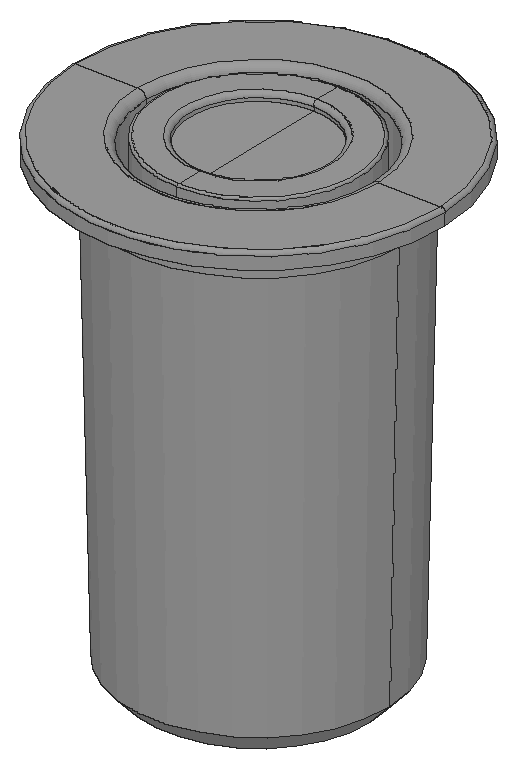
Revit family "0059828 Feilo Sylvania Lighting Fixture SYLFIRE LED G2 WH TLT NW DIM DC", category Lighting Fixtures, host Face, Revit 2017 (continued)
Definition of nested family "SylFire Tiltable Head"
  Types (2, lengths in mm): name | built-in parameter 1150134 | Photometric Web File | built-in parameter 1150142 | Model | built-in parameter 1150105 | Lumens | built-in parameter 1150107 | built-in parameter 1150106 | built-in parameter 1150104
    0059828 SYLFIRE LED G2 WH TLT NW DIM DC | 12 | "0059828.ies" | "IESNA:LM-63-2002\r\n[MANUFAC] /Eulumdat/INVENTFINE\r\n[_EULUMDAT_ITYP] 3\r\n[_EULUMDAT_HDIST] 90.0\r\n[_EULUMD_VDIST] 1.0\r\n[TEST] 0059828\r\n[LUMINAIRE] LED  LINGHTING\r\n[LUMCAT] 0059828\r\n[_EULUM_FILENAME] SYLFIRE LED II WH TLT NW DIM DC.ldt\r\n[ISSUEDATE] 2017-9-4 1/\r\n[_EULUM_AREALENGTH] 41\r\n[_EULUM_AREAWIDTH] 0\r\n[_EULUM_C0_LUM] 0\r\n[_EULUM_C90_LUM] 0\r\n[_EULUM_C180_LUM] 0\r\n[_EULUM_C270_LUM] 0\r\n[_EULUM_DOWN_FLUX] 99.9\r\n[_EULUM_EFFICIENCY] 100.0\r\n[_EULUM_CONV] 1.000\r\n[_EULUM_TILT] 0.0\r\n[_EULUM_LAMP_1_NUM] 1\r\n[_EULUM_LAMP_1_TYPE] \r\n[_EULUM_LAMP_1_FLUX] 746\r\n[_EULUM_LAMP_1_COLOR] 3000K\r\n[_EULUM_LAMP_1_CRG] \r\n[_EULUM_LAMP_1_WATTS] 8.30\r\n[LAMP] \r\n[_EULUM_DR_0] 0.778\r\n[_EULUM_DR_1] 0.88\r\n[_EULUM_DR_2] 0.926\r\n[_EULUM_DR_3] 0.953\r\n[_EULUM_DR_4] 0.957\r\n[_EULUM_DR_5] 0.97\r\n[_EULUM_DR_6] 0.976\r\n[_EULUM_DR_7] 0.982\r\n[_EULUM_DR_8] 0.988\r\n[_EULUM_DR_9] 0.996\r\nTILT=NONE\r\n1 746 1 181 5 1 2 -0.041 -0.041 0\r\n1 1 8.3\r\n0 1 2 3 4 5 6 7 8 9 10 11 12 13 14 15 16 17 18 19 20 21 22 23 24 25 26 27 28 29 30 31 32 33 34 35 36 37 38 39 40 41 42 43 44 45 46 47 48 49 50 51 52 53 54 55 56 57 58 59 60 61 62 63 64 65 66 67 68 69 70 71 72 73 74 75 76 77 78 79 80 81 82 83 84 85 86 87 \r\n88 89 90 91 92 93 94 95 96 97 98 99 100 101 102 103 104 105 106 107 108 109 110 111 112 113 114 115 116 117 118 119 120 121 122 123 124 125 126 127 128 129 130 131 132 133 134 135 136 137 138 139 140 141 142 143 144 145 146 147 148 149 150 151 152 153 154\r\n 155 156 157 158 159 160 161 162 163 164 165 166 167 168 169 170 171 172 173 174 175 176 177 178 179 180\r\n0 90 180 270 360\r\n1361.6216 1370.8943 1358.1453 1336.3322 1319.6665 1298.8083 1268.0284 1236.9575 1210.0045 1199.5754 1191.1158 1167.3931 1129.5634 1089.8761 1031.3375 969.5837 914.4766 861.4882 804.2626 749.2078 692.9072 632.6602 568.4371 509.7493 452.1282 405.175 \r\n367.3528 335.7746 309.6348 289.8359 270.1415 251.9093 235.0795 213.2665 193.1245 174.288 157.0106 142.292 130.2591 118.8229 107.7895 98.1736 89.0575 80.8515 72.9886 65.5361 57.1138 48.0051 38.8368 33.0403 28.0496 24.8343 21.455 19.493 17.7846 16.3672 \r\n14.6067 12.5477 10.4738 8.9147 7.5048 6.7513 6.2962 5.9456 5.5353 5.0877 4.5282 4.0806 3.5286 2.9169 2.3723 1.9098 1.3577 0.8131 0.2536 0.00 0.00 0.00 0.00 0.00 0.00 0.00 0.00 0.00 0.00 0.00 0.00 0.00 0.00 0.00 0.00 0.00 0.00 0.00 0.00 0.00 0.00 0.00 0.00\r\n 0.00 0.00 0.00 0.00 0.00 0.00 0.00 0.00 0.00 0.00 0.00 0.00 0.00 0.00 0.00 0.00 0.00 0.00 0.00 0.00 0.00 0.00 0.00 0.00 0.00 0.00 0.00 0.00 0.00 0.00 0.00 0.00 0.00 0.00 0.00 0.00 0.00 0.00 0.00 0.00 0.00 0.00 0.00 0.00 0.00 0.00 0.00 0.097 0.2536 0.4476\r\n 0.649 0.8131 0.9623 1.1115 1.1563 1.2607 1.313 1.313 1.4099 1.313 1.313 1.2607 1.313 1.1563 1.0593 1.0071 0.9101 0.8579 0.8131 0.7609 0.7609 0.649 0.5968 0.552 0.4476 0.4998 0.4998 0.552 0.552 0.5968 0.5968 0.552\r\n1361.6216 1384.3821 1377.8247 1347.3431 1307.7678 1277.9054 1276.7789 1283.6869 1270.2291 1228.8783 1185.2373 1136.9711 1087.0861 1042.0277 1005.2872 970.3297 934.3127 893.984 854.1551 808.0746 766.1569 724.9031 676.2341 627.9753 585.1027 553.905 524.0874\r\n 488.063 454.9854 426.9955 403.116 370.195 337.0204 305.1215 269.1046 229.0742 195.7429 159.6813 131.3781 106.581 82.9179 58.4193 44.193 36.1213 29.3626 23.9242 18.0383 15.4497 14.1292 13.2564 12.8088 12.2419 10.8692 10.0113 9.5488 8.9445 8.1239 7.2586 \r\n6.4007 5.7367 5.2369 4.9311 4.6774 4.3641 4.1627 3.7598 3.4092 2.9467 2.4916 2.0366 1.5741 1.119 0.552 0.00 0.00 0.00 0.00 0.00 0.00 0.00 0.00 0.00 0.00 0.00 0.00 0.00 0.00 0.00 0.00 0.00 0.00 0.00 0.00 0.00 0.00 0.00 0.00 0.00 0.00 0.00 0.00 0.00 0.00 \r\n0.00 0.00 0.00 0.00 0.00 0.00 0.00 0.00 0.00 0.00 0.00 0.00 0.00 0.00 0.00 0.00 0.00 0.00 0.00 0.00 0.00 0.00 0.00 0.00 0.00 0.00 0.00 0.00 0.00 0.00 0.00 0.00 0.00 0.00 0.00 0.00 0.00 0.00 0.00 0.00 0.00 0.00 0.00 0.00 0.2014 0.4028 0.6043 0.8131 0.9698 \r\n1.119 1.2682 1.3726 1.4696 1.5218 1.5741 1.5741 1.5741 1.5741 1.5218 1.4696 1.4249 1.3726 1.2682 1.1712 1.022 0.8654 0.7684 0.6565 0.6043 0.552 0.552 0.5073 0.5073 0.5073 0.5073 0.5073 0.5073 0.4551\r\n1361.6216 1337.9509 1304.6943 1263.6494 1208.7886 1160.3358 1126.4899 1102.0061 1076.0155 1041.1624 1006.257 971.8515 931.3511 891.5148 854.8936 820.8387 785.6797 755.2579 726.6935 692.2955 656.6292 619.9111 582.5887 549.6976 518.0597 487.4886 454.7467 \r\n418.9834 390.9338 361.5564 328.419 295.8711 266.9113 235.8927 208.1265 183.9561 159.9275 140.4867 118.6662 96.1072 76.659 62.2015 52.8392 41.4105 31.884 26.0429 21.7161 15.7182 12.5999 11.4884 11.0259 10.5783 10.2277 9.9293 9.2206 8.6685 7.8554 7.0497 \r\n6.3485 5.789 5.2891 4.9907 4.7371 4.4312 4.0284 3.6256 3.1183 2.6185 2.0664 1.5069 0.9623 0.3506 0.00 0.00 0.00 0.00 0.00 0.00 0.00 0.00 0.00 0.00 0.00 0.00 0.00 0.00 0.00 0.00 0.00 0.00 0.00 0.00 0.00 0.00 0.00 0.00 0.00 0.00 0.00 0.00 0.00 0.00 0.00 \r\n0.00 0.00 0.00 0.00 0.00 0.00 0.00 0.00 0.00 0.00 0.00 0.00 0.00 0.00 0.00 0.00 0.00 0.00 0.00 0.00 0.00 0.00 0.00 0.00 0.00 0.00 0.00 0.00 0.00 0.00 0.00 0.00 0.00 0.00 0.00 0.00 0.00 0.00 0.00 0.00 0.00 0.00 0.00 0.00 0.00 0.00 0.00 0.00 0.00 0.00 0.00 \r\n0.0522 0.097 0.1492 0.1492 0.1492 0.1492 0.1492 0.1492 0.097 0.097 0.0522 0.0522 0.097 0.097 0.097 0.097 0.097 0.097 0.1492 0.1492 0.2014 0.2984 0.4028 0.4476 0.4998 0.552 0.5968\r\n1361.6216 1313.1539 1262.8586 1227.2446 1206.006 1203.4696 1204.8496 1195.756 1173.8534 1144.4908 1101.3571 1039.3346 973.6866 914.8123 874.3716 832.0511 794.2065 754.4223 707.1782 654.5479 600.6419 552.1295 506.4519 467.0333 428.8828 395.1935 363.5929 \r\n332.7085 304.8156 277.1763 250.7604 227.7986 206.463 183.8069 163.941 146.3577 130.0502 116.0403 104.7533 94.5406 84.1339 75.1371 67.6697 61.269 55.4278 50.3998 46.1326 42.7756 39.5753 35.4648 32.354 27.3334 22.1562 20.7313 19.3065 17.7772 16.4045 15.1886\r\n 13.5623 12.0404 10.7722 9.601 8.9445 8.3776 7.9225 7.3183 6.6543 6.1023 5.4831 4.8788 4.3193 3.7598 3.1929 2.5886 1.9247 1.2682 0.9176 0.7162 0.552 0.4551 0.4028 0.3059 0.00 0.00 0.00 0.00 0.00 0.00 0.00 0.00 0.00 0.00 0.00 0.00 0.00 0.00 0.00 0.00 0.00 \r\n0.00 0.00 0.00 0.00 0.00 0.00 0.00 0.00 0.00 0.00 0.00 0.00 0.00 0.00 0.00 0.00 0.00 0.00 0.00 0.00 0.00 0.00 0.00 0.00 0.00 0.00 0.00 0.00 0.00 0.00 0.00 0.00 0.00 0.00 0.00 0.00 0.00 0.00 0.00 0.00 0.00 0.00 0.00 0.00 0.00 0.00 0.00 0.00 0.00 0.00 0.00 \r\n0.00 0.0522 0.1044 0.2014 0.2536 0.3506 0.4028 0.4028 0.4551 0.4028 0.4551 0.4028 0.4028 0.4028 0.3506 0.3059 0.2536 0.2014 0.2014 0.2014 0.2014 0.2014 0.2014 0.2014 0.2014 0.2536 0.2536 0.3506 0.4028 0.4551 0.5073\r\n1361.6216 1370.8943 1358.1453 1336.3322 1319.6665 1298.8083 1268.0284 1236.9575 1210.0045 1199.5754 1191.1158 1167.3931 1129.5634 1089.8761 1031.3375 969.5837 914.4766 861.4882 804.2626 749.2078 692.9072 632.6602 568.4371 509.7493 452.1282 405.175 \r\n367.3528 335.7746 309.6348 289.8359 270.1415 251.9093 235.0795 213.2665 193.1245 174.288 157.0106 142.292 130.2591 118.8229 107.7895 98.1736 89.0575 80.8515 72.9886 65.5361 57.1138 48.0051 38.8368 33.0403 28.0496 24.8343 21.455 19.493 17.7846 16.3672 \r\n14.6067 12.5477 10.4738 8.9147 7.5048 6.7513 6.2962 5.9456 5.5353 5.0877 4.5282 4.0806 3.5286 2.9169 2.3723 1.9098 1.3577 0.8131 0.2536 0.00 0.00 0.00 0.00 0.00 0.00 0.00 0.00 0.00 0.00 0.00 0.00 0.00 0.00 0.00 0.00 0.00 0.00 0.00 0.00 0.00 0.00 0.00 0.00\r\n 0.00 0.00 0.00 0.00 0.00 0.00 0.00 0.00 0.00 0.00 0.00 0.00 0.00 0.00 0.00 0.00 0.00 0.00 0.00 0.00 0.00 0.00 0.00 0.00 0.00 0.00 0.00 0.00 0.00 0.00 0.00 0.00 0.00 0.00 0.00 0.00 0.00 0.00 0.00 0.00 0.00 0.00 0.00 0.00 0.00 0.00 0.00 0.097 0.2536 0.4476\r\n 0.649 0.8131 0.9623 1.1115 1.1563 1.2607 1.313 1.313 1.4099 1.313 1.313 1.2607 1.313 1.1563 1.0593 1.0071 0.9101 0.8579 0.8131 0.7609 0.7609 0.649 0.5968 0.552 0.4476 0.4998 0.4998 0.552 0.552 0.5968 0.5968 0.552\r\n" | "SYLFIRE LED G2 WH TLT NW DIM DC" | 1150.6 (stored number, unit not read) | 620 lm | 4000 (stored number, unit not read) | 11.506 (stored number, unit not read) | 7.2 (stored number, unit not read)
  Reference planes
    plane 1 "Center (Front/Back)": y = 0
    plane 2: z = 0
    plane 3 "Center (Left/Right)": x = 0
    plane 4: x = -25
    plane 5: z = 11
    plane 6: z = -24
    plane 7: x = -17
    plane 8: z = 9
    plane 9: x = -24.5
    plane 10: z = 10.5
    plane 11: z = 9.8
    plane 12: x = -18.2
  Forms (mm)
    Extrusion 1, solid
      sketch origin (4.2, 0, 0) x (1, 0, 0) y (0, 1, 0)
        loop
          line (-1219.2, 1219.2) -> (-1219.2, -1219.2) -> (1219.2, -1219.2) -> (1219.2, 1219.2) -> (-1219.2, 1219.2)
      from 0 to -68.017
    Revolve 2, solid, material <- "Material_1_FEILO"
      sketch origin (0, 0, 0) x (1, 0, 0) y (0, 0, 1)
        loop
          line (0, 9) -> (-17, 9) -> (-17, 9.8)
          arc (-17, 9.8) -> (-17.351, 10.649) -> (-18.2, 11) r 1.2
          line (-18.2, 11) -> (-24.5, 11)
          arc (-24.5, 11) -> (-24.854, 10.854) -> (-25, 10.5) r 0.5
          line (-25, 10.5) -> (-25, -24) -> (0, -24) -> (0, 9)
        axis (0, 11) -> (0, -24)
      angle from 360 to 0
  Dimensions and locks
    locked: plane 5 to plane 2 at 11
    locked: plane 5 to plane 6 at 35
    locked: plane 3 "Center (Left/Right)" to plane 4 at 25
    locked: plane 7 to plane 12 at 1.2
    locked: plane 5 to plane 11 at 1.2
    locked: plane 3 "Center (Left/Right)" to plane 7 at 17
    locked: plane 9 to plane 4 at 0.5
    locked: plane 5 to plane 10 at 0.5
    locked: plane 5 to plane 8 at 2
    plane 5 to plane 11 = 1.2 mm
    aligned and locked: plane 2 to Extrusion 1
    aligned and locked: level to Extrusion 1
    aligned and locked: Revolve 2 sketch curve to plane 3 "Center (Left/Right)"  (x2)
    aligned and locked: plane 3 "Center (Left/Right)" to Revolve 2 sketch curve
    aligned and locked: Revolve 2 sketch curve to plane 8
    aligned and locked: Revolve 2 sketch curve to plane 6
    aligned and locked: plane 4 to Revolve 2 sketch curve
    aligned and locked: plane 5 to Revolve 2 sketch curve
    aligned and locked: plane 9 to Revolve 2 sketch curve
    aligned and locked: plane 10 to Revolve 2 sketch curve
    aligned and locked: plane 12 to Revolve 2 sketch curve
    aligned and locked: plane 11 to Revolve 2 sketch curve
    aligned and locked: plane 3 "Center (Left/Right)" to imposter light
    aligned and locked: imposter light to plane 8
    aligned and locked: imposter light to plane 1 "Center (Front/Back)"
  Connectors
    electrical at (0, 0, 0), driven by "Apparent Load"
      settings: index 1, voltage 230 V, apparent load 8 VA, apparent load phase1 0 VA, apparent load phase2 0 VA, apparent load phase3 0 VA, power factor 0, load classification none, number of poles 1, system type 30, power factor state 1, is connector primary yes, connector utility no, sub classification motor no, connector description ""
